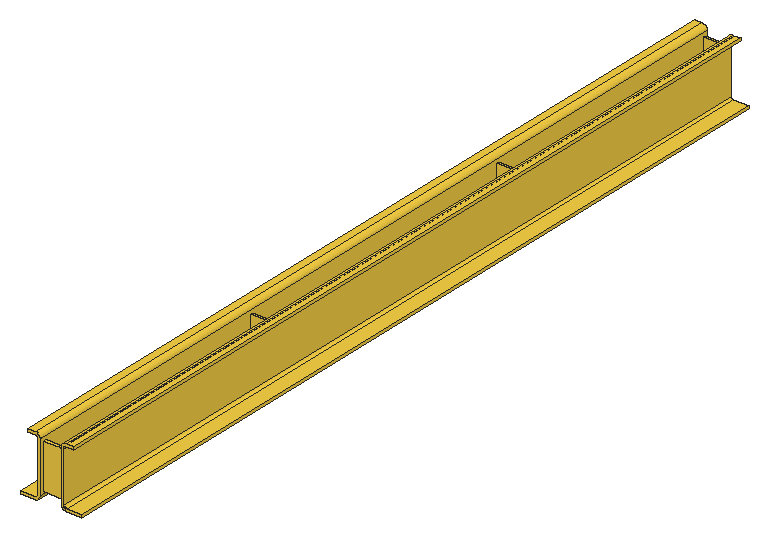
Revit family "MF_MEGA WALER 1,65 (65'')_1904218", category Generic Models, Revit 2018
Family settings
  Can host rebar = No
  Round Connector Dimension = Use Diameter
  Part Type = Normal
  OmniClass Number = 35.51.14.00
  OmniClass Title = FORMWORK
  Work Plane-Based = Yes
  Always vertical = No
  Cut with Voids When Loaded = No
  Shared = Yes
  Room Calculation Point = No
Parameters (values of type "MF_MEGA WALER 1,65 (65'')_1904218")
  VERSION = "20190101"  # constant formula
  URL = "www.ulmaconstruction.com/en"
  UNICLASS = ""
  ITEM_CODE = "1904218"
  Manufacturer = "ULMA CONSTRUCTION"  # constant formula
  FILTER [instance] = ""
  Default Elevation = 0.000 mm
  CLASSIFICATION_TITLE = ""
  CLASSIFICATION_NUMBER = ""
Reference planes
  plane 1 "Centro (Frontal/Posterior)": y = 0
  plane 2: z = 0
  plane 3 "Centro (Izquierda/Derecha)": x = 0
  plane 4 "WALER END": y = 825
  plane 5 "WALER START": y = -825
Forms (mm)
  Extrusion 1, solid, material "ULMA YELLOW", detail levels fine
    sketch origin (0, 0, 0) x (1, 0, 0) y (0, 0, 1)
      loop
        line (-45.625, 120) -> (-45.625, 115) -> (-30.625, 115)
        arc (-30.625, 115) -> (-27.089, 113.536) -> (-25.625, 110) r 5
        line (-25.625, 110) -> (-25.625, 10)
        arc (-25.625, 10) -> (-27.089, 6.464) -> (-30.625, 5) r 5
        line (-30.625, 5) -> (-60.625, 5) -> (-60.625, 0) -> (-30.625, 0)
        arc (-30.625, 0) -> (-23.554, 2.929) -> (-20.625, 10) r 10
        line (-20.625, 10) -> (-20.625, 110)
        arc (-20.625, 110) -> (-23.554, 117.071) -> (-30.625, 120) r 10
        line (-30.625, 120) -> (-45.625, 120)
      loop
        line (45.625, 120) -> (30.625, 120)
        arc (30.625, 120) -> (23.554, 117.071) -> (20.625, 110) r 10
        line (20.625, 110) -> (20.625, 10)
        arc (20.625, 10) -> (23.554, 2.929) -> (30.625, 0) r 10
        line (30.625, 0) -> (60.625, 0) -> (60.625, 5) -> (30.625, 5)
        arc (30.625, 5) -> (27.089, 6.464) -> (25.625, 10) r 5
        line (25.625, 10) -> (25.625, 110)
        arc (25.625, 110) -> (27.089, 113.536) -> (30.625, 115) r 5
        line (30.625, 115) -> (45.625, 115) -> (45.625, 120)
    from -825 to 825
  Extrusion 2, solid, material "ULMA YELLOW", detail levels fine
    sketch origin (0, 0, 0) x (1, 0, 0) y (0, 1, 0)
      loop
        line (-20.625, 818.25) -> (-20.625, 813.25) -> (20.625, 813.25) -> (20.625, 818.25) -> (-20.625, 818.25)
    from 15 to 105
  Extrusion 3, solid, material "ULMA YELLOW", detail levels fine
    sketch origin (0, 0, 0) x (1, 0, 0) y (0, 1, 0)
      loop
        line (-20.625, -813.25) -> (-20.625, -818.25) -> (20.625, -818.25) -> (20.625, -813.25) -> (-20.625, -813.25)
    from 15 to 105
  Extrusion 4, solid, material "ULMA YELLOW", detail levels fine
    sketch origin (0, 250, 0) x (1, 0, 0) y (0, 1, 0)
      loop
        line (-20.625, -552.75) -> (-20.625, -557.75) -> (20.625, -557.75) -> (20.625, -552.75) -> (-20.625, -552.75)
    from 15 to 105
  Extrusion 5, solid, material "ULMA YELLOW", detail levels fine
    sketch origin (0, -250, 0) x (1, 0, 0) y (0, 1, 0)
      loop
        line (-20.625, 557.75) -> (-20.625, 552.75) -> (20.625, 552.75) -> (20.625, 557.75) -> (-20.625, 557.75)
    from 15 to 105
  Extrusion 6, solid, material "ULMA YELLOW", detail levels coarse+medium
    sketch origin (0, 0, 0) x (1, 0, 0) y (0, 0, 1)
      loop
        line (60.625, 120) -> (-60.625, 120) -> (-60.625, 0) -> (60.625, 0) -> (60.625, 120)
    from -825 to 825
Dimensions and locks
  locked: plane 4 "WALER END" to plane 5 "WALER START" at 1650
  aligned and locked: level to plane 2
  aligned and locked: plane 4 "WALER END" to Extrusion 1
  aligned and locked: Extrusion 1 to plane 5 "WALER START"
  aligned and locked: Extrusion 6 to plane 5 "WALER START"
  aligned and locked: plane 4 "WALER END" to Extrusion 6
